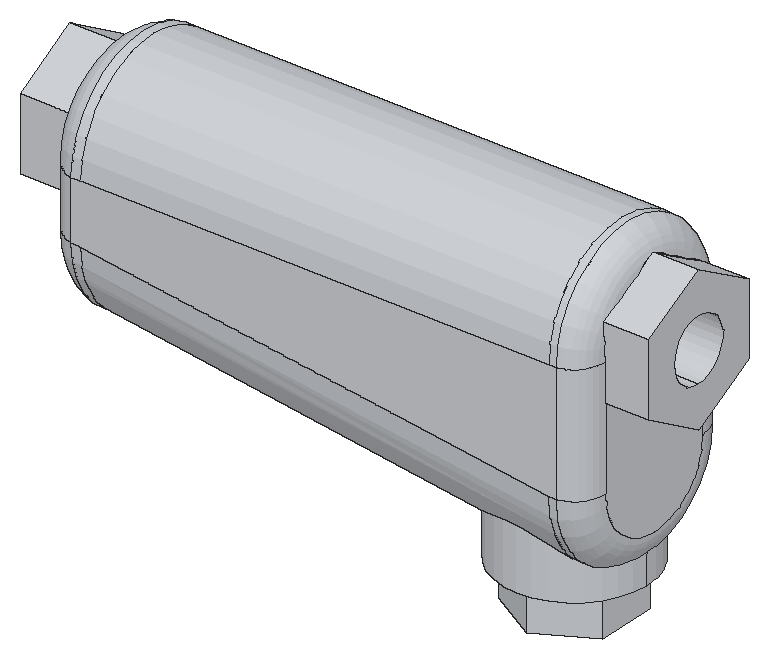
Revit family "Pipe_Accessories_Separator_Spirax-Sarco_S12-SG-Iron-Separator-Screwed", category Pipe Accessories, Revit 2013
Parameters (values of type "1 1/4"")
  _distributed by = "www.bimstore.co.uk"
  _current revision = 1  # constant formula
  _created by = "Dayle Zieleniewski"  # constant formula
  _bimspec_guid = 0
  Weight = if(Pipe Size = 30 mm, 9.00 kg, if(Pipe Size = 40 mm, 9.00 kg, 17.00 kg))  # 9.00 kg
  WarrantyStartDate [instance] = ""
  WarrantyGuarantorParts = ""
  WarrantyGuarantorLabour = ""
  WarrantyDurationUnit = "Years"  # constant formula
  WarrantyDurationParts = 0
  WarrantyDurationLabour = 0
  WarrantyDescription = ""
  Volume = if(Pipe Size = 30 mm, 1.50 m³, if(Pipe Size = 40 mm, 1.50 m³, 3.20 m³))  # 1.50 m³
  Uniclass2 = "90-20-75/325"  # constant formula
  URL = "http://www.spiraxsarco.com/uk/"
  TypeName = Type Comments  # "DN32"
  Type Comments = if(Pipe Size = 15 mm, "DN15", if(Pipe Size = 20 mm, "DN20", if(Pipe Size = 25 mm, "DN25", if(Pipe Size = 32 mm, "DN32", if(Pipe Size = 40 mm, "DN40", if(Pipe Size = 50 mm, "DN50", if(Pipe Size = 65 mm, "DN60", if(Pipe Size = 80 mm, "DN80", "DN32"))))))))  # "DN32"
  TMO Maximum Operating Temperature = "350°C @ 14 bar g"  # constant formula
  TMA Maximum Allowable Temperature = "350°C @ 14 bar g"  # constant formula
  Standards = "This product fully complies with the requirements of the European Pressure Equipment Directive 97 /23 /EC."  # constant formula
  SpareParts = ""
  Size = Type Comments  # "DN32"
  Shape = ""
  SerialNumber [instance] = "0232560"
  SG Iron = none
  ReplacementCost = 0
  ReferencedStandard = ""
  ProductionYear = ""
  Product Link = ""
  Product Documentation Link = "http://www.spiraxsarco.com/pdfs/TI/p023_25.pdf"
  Pipe Size = 30 mm
  Pipe Radius = Pipe Size / 2  # 15 mm
  PMO Maximum Operating Temperature (Saturated) = "23.1 bar g"  # constant formula
  PMA Maximum Allowable Pressure = "25 bar g @ 100°C"  # constant formula
  ModelNumber = Model  # "S12 SG Iron Separator (Screwed)"
  Model = "S12 SG Iron Separator (Screwed)"  # constant formula
  Minimum Operating Temperature = -10 °C
  Material = "SG Iron"  # constant formula
  Manufacturer = "Spirax Sarco Ltd"  # constant formula
  Loss Method = K Coefficient
  K Coefficient = 0  # constant formula
  InstallationDate [instance] = ""
  Installation Note = "Install in a horizontal pipeline with the drain directly below. Note: To ensure that any separated liquid is drained away quickly, a suitable liquid drainer or steam trap must be connected to the drain connection 'E' - consult Spirax Sarco for further details."  # constant formula
  INSPECTION CHAMBER = Pipe Size = 50 mm  # no
  Grade = ""
  G = if(Pipe Size = 30 mm, 60 mm, if(Pipe Size = 40 mm, 60 mm, 71 mm))  # 60 mm
  Finish = ""
  Features = ""
  F = 25 mm  # constant formula
  ExpectedLife = 0
  E Radius = E / 2  # 7.5 mm
  END DIFF. = 28.293 mm
  E = 15 mm  # constant formula
  DurationUnit = "Years"  # constant formula
  DocumentationTechnical = "http://www.spiraxsarco.com/pdfs/TI/p023_25.pdf"
  DocumentationLiterature = ""
  DocumentationInstallationGuide = "http://www.spiraxsarco.com/pdfs/IM/p023_55.pdf"
  DocumentationCertificates = ""
  Disposal = "This product is recyclable. No ecological hazard is anticipated with the disposal of this product, providing due care is taken."  # constant formula
  Description = "The S12 separator is an SG iron baffle type separator used for the removal of entrained liquids in steam, compressed air or gas systems. The fitting of insulation jackets will increase the performance of the separator."  # constant formula
  D = if(Pipe Size = 30 mm, 304 mm, if(Pipe Size = 40 mm, 304 mm, 397 mm))  # 304 mm
  CreatedOn = "July 2014"  # constant formula
  CreatedBy = "UKEnquiries@SpiraxSarco.com"  # constant formula
  Consitituents = ""
  Color = ""
  CodePerformance = ""
  ClassificationValue = "L7136"  # constant formula
  ClassificationName = "Uniclass1.4"  # constant formula
  Certification = "This product is available with a manufacturers' Typical Test Report. Note: All certification / inspection requirements must be stated at the time of order placement."  # constant formula
  Carbon Steel = none
  C = if(Pipe Size = 30 mm, 89 mm, if(Pipe Size = 40 mm, 89 mm, 117 mm))  # 89 mm
  Body Design Conditions = "PN25"  # constant formula
  BarCode = ""
  BOTTOM DIFF = 53.76 mm
  B = if(Pipe Size = 30 mm, 156 mm, if(Pipe Size = 40 mm, 156 mm, 205 mm))  # 156 mm
  AssetType = "Fixed"  # constant formula
  AssetIdentifier = ""
  Assembly Code = "D30"
  AccessibilityPerformance = ""
  A = if(Pipe Size = 30 mm, 111 mm, if(Pipe Size = 40 mm, 111 mm, 146 mm))  # 111 mm
Types (3, lengths in mm): name | Weight | Volume | TypeName | Type Comments | Size | SerialNumber | SG Iron | Pipe Size | Pipe Radius | INSPECTION CHAMBER | G | END DIFF. | D | Carbon Steel | C | BOTTOM DIFF | B | A
  1 1/4" | 9.00 kg | 1.50 m³ | "DN32" | "DN32" | "DN32" | "0232560" | none | 30 | 15 | no | 60 | 28.293 | 304 | none | 89 | 53.76 | 156 | 111
  1 1/2" | 9.00 kg | 1.50 m³ | "DN40" | "DN40" | "DN40" | "0232660" | none | 40 | 20 | no | 60 | 28.293 | 304 | none | 89 | 53.76 | 156 | 111
  2" | 17.00 kg | 3.20 m³ | "DN50" | "DN50" | "DN50" | "0232760" | Spirax_Sarco-SG_Iron | 50 | 25 | yes | 71 | 1 | 397 | Spirax_Sarco-Carbon_Steel | 117 | 67 | 205 | 146
Reference planes
  plane 1 "Center (Front/Back)": y = 0
  plane 2: z = 0
  plane 3 "Center (Left/Right)": x = 0
  plane 4: x = -244
  plane 5: x = 60
  plane 6: z = 45
  plane 7: z = -111
  plane 8: y = 44.5
  plane 9: y = -44.5
  plane 10: x = 38.5
  plane 11: x = 23
  plane 12: x = -222.5
  plane 13: x = -203.5
  plane 14: z = -28.293
  plane 15: z = -57.24
  plane 16: z = -57.24
  plane 17: z = 29.5
  plane 18: z = 26
  plane 19: z = -57.24
  plane 20: z = -131
  plane 21: x = -134
  plane 22: z = 51.6
  plane 23: z = 71.6
Forms (mm)
  Blend 1, solid, material <- "SG Iron", detail levels fine
    base sketch origin (-203.5, -1524, 543.708) x (0, 0, 1) y (0, -1, 0)
      loop
        arc (-543.708, -1568.5) -> (-499.208, -1524) -> (-543.708, -1479.5) r 44.5
        line (-543.708, -1479.5) -> (-572.001, -1479.5)
        arc (-572.001, -1479.5) -> (-616.501, -1524) -> (-572.001, -1568.5) r 44.5
        line (-572.001, -1568.5) -> (-543.708, -1568.5)
    top sketch origin (23, -1524, 543.708) x (0, 0, 1) y (0, -1, 0)
      loop
        arc (-543.708, -1568.5) -> (-499.208, -1524) -> (-543.708, -1479.5) r 44.5
        line (-543.708, -1479.5) -> (-600.948, -1479.5)
        arc (-600.948, -1479.5) -> (-645.448, -1524) -> (-600.948, -1568.5) r 44.5
        line (-600.948, -1568.5) -> (-543.708, -1568.5)
    from 0 to 0
  Extrusion 2, solid, material <- "SG Iron", detail levels fine
    sketch origin (23, -1524, 543.708) x (0, 0, 1) y (0, -1, 0)
      loop
        arc (-543.708, -1568.5) -> (-499.208, -1524) -> (-543.708, -1479.5) r 44.5
        line (-543.708, -1479.5) -> (-600.948, -1479.5)
        arc (-600.948, -1479.5) -> (-645.448, -1524) -> (-600.948, -1568.5) r 44.5
        line (-600.948, -1568.5) -> (-543.708, -1568.5)
    from 0 to 15.5
  Sweep 3, void, detail levels fine
    path origin (23, -1524, 543.708) x (0, 0, 1) y (0, -1, 0)
      loop
        arc (-543.708, -1568.5) -> (-499.208, -1524) -> (-543.708, -1479.5) r 44.5
        line (-543.708, -1479.5) -> (-600.948, -1479.5)
        arc (-600.948, -1479.5) -> (-645.448, -1524) -> (-600.948, -1568.5) r 44.5
        line (-600.948, -1568.5) -> (-543.708, -1568.5)
    profile origin (23, 0, 44.5) x (0, 0, -1) y (1, 0, 0)
      loop
        arc (-0.5, 0) -> (4.04, 10.96) -> (15, 15.5) r 15.5
        line (15, 15.5) -> (-0.5, 15.5) -> (-0.5, 0)
  Extrusion 4, solid, material <- "SG Iron", detail levels fine
    sketch origin (23, -1524, 543.708) x (0, 0, 1) y (0, -1, 0)
      loop
        line (-543.708, -1479.5) -> (-572.001, -1479.5)
        arc (-572.001, -1479.5) -> (-616.501, -1524) -> (-572.001, -1568.5) r 44.5
        line (-572.001, -1568.5) -> (-543.708, -1568.5)
        arc (-543.708, -1568.5) -> (-499.208, -1524) -> (-543.708, -1479.5) r 44.5
    from -245.5 to -226.5
  Sweep 5, void
    path origin (23, -1524, 543.708) x (0, 0, 1) y (0, -1, 0)
      loop
        arc (-543.708, -1568.5) -> (-499.208, -1524) -> (-543.708, -1479.5) r 44.5
        line (-543.708, -1479.5) -> (-572.001, -1479.5)
        arc (-572.001, -1479.5) -> (-616.501, -1524) -> (-572.001, -1568.5) r 44.5
        line (-572.001, -1568.5) -> (-543.708, -1568.5)
    profile origin (23, 0, 44.5) x (0, 0, -1) y (1, 0, 0)
      loop
        arc (18.5, -245.5) -> (5.065, -239.935) -> (-0.5, -226.5) r 19
        line (-0.5, -226.5) -> (-0.5, -245.5) -> (18.5, -245.5)
  Extrusion 6, solid, material <- "SG Iron", detail levels fine
    sketch origin (0, 0, 0) x (1, 0, 0) y (0, 1, 0)
      loop
        circle (0, 0) r 35
    from -111 to -57.24
  Extrusion 7, solid, material <- "SG Iron", detail levels fine
    sketch origin (23, -1524, 543.708) x (0, 0, 1) y (0, -1, 0)
      loop
        line (-561.029, -1494) -> (-578.349, -1524) -> (-561.029, -1554) -> (-526.388, -1554) -> (-509.067, -1524) -> (-526.388, -1494) -> (-561.029, -1494)
    from -267 to 37
  Extrusion 8, void
    sketch origin (23, -1524, 543.708) x (0, 0, -1) y (0, -1, 0)
      loop
        circle (543.708, -1524) r 15
    from -37 to 267
  Extrusion 9, solid, material <- "Carbon Steel", detail levels fine
    sketch origin (0, 0, 0) x (1, 0, 0) y (0, 1, 0)
      loop
        line (-25, -14.434) -> (0, -28.867) -> (25, -14.434) -> (25, 14.434) -> (0, 28.867) -> (-25, 14.434) -> (-25, -14.434)
    from -111 to -131
  Extrusion 10, void
    sketch origin (0, 0, 0) x (1, 0, 0) y (0, 1, 0)
      loop
        circle (0, 0) r 7.5
    from -57.24 to -131
  Extrusion 11, solid, material <- "SG Iron", visible <- "INSPECTION CHAMBER", detail levels fine
    sketch origin (0, 0, 0) x (1, 0, 0) y (0, 1, 0)
      loop
        circle (-134, 0) r 48
    from -28.293 to 51.6
  Extrusion 12, solid, material <- "Carbon Steel", visible <- "INSPECTION CHAMBER", detail levels fine
    sketch origin (0, 0, 0) x (1, 0, 0) y (0, 1, 0)
      loop
        line (-104, 17.321) -> (-134, 34.641) -> (-164, 17.321) -> (-164, -17.321) -> (-134, -34.641) -> (-104, -17.321) -> (-104, 17.321)
    from 51.6 to 71.6
Cuts and joins
  Extrusion 8 cuts Blend 1
  Sweep 3, Extrusion 8 cuts Extrusion 2
  Sweep 5, Extrusion 8 cuts Extrusion 4
  Extrusion 8, Extrusion 10 cuts Extrusion 7
  joined: Blend 1, Extrusion 2, Extrusion 4, Extrusion 6, Extrusion 7
  Extrusion 10 cuts Extrusion 9
Lines and regions (mm)
  reference lines
    curve 1: line (-244, 0, 0) -> (60, 0, 0)
    curve 2: line (0, 0, -57.24) -> (0, 0, -131)
Dimensions and locks
  "D": plane 5 to plane 4
  "G": plane 5 to plane 3 "Center (Left/Right)"
  "B": plane 6 to plane 7
  "A": level to plane 7
  equal spacing: plane 8, plane 1 "Center (Front/Back)", plane 9
  "C": plane 8 to plane 9
  plane 13 to plane 12 to plane 4 = 19 mm locked, 21.5 mm locked
  plane 5 to plane 10 to plane 11 = 21.5 mm locked, 15.5 mm locked
  "END DIFF.": level to plane 14
  locked: plane 7 to plane 15 at 53.76
  plane 16 to plane 18 = 83.24 mm
  locked: plane 6 to plane 17 at 15.5
  plane 6 to plane 18 = 19 mm
  "BOTTOM DIFF": plane 7 to plane 19
  locked: plane 7 to plane 20 at 20
  locked: plane 21 to plane 3 "Center (Left/Right)" at 134
  locked: plane 22 to plane 6 at 6.6
  locked: plane 23 to plane 22 at 20
  "C": diameter of Blend 1 sketch curve  (x3)
  "C": diameter of Extrusion 2 sketch curve  (x2)
  "C": diameter of Sweep 3 sketch curve  (x2)
  "C": diameter of Extrusion 4 sketch curve  (x2)
  "Pipe Size": diameter of Extrusion 8 sketch curve
  "E": diameter of Extrusion 10 sketch curve
  aligned and locked: level to plane 2
  aligned and locked: level to Blend 1 sketch curve  (x4)
  aligned and locked: plane 14 to Blend 1 sketch curve  (x2)
  aligned and locked: Blend 1 sketch curve to plane 8  (x2)
  aligned and locked: Blend 1 sketch curve to plane 9
  aligned and locked: plane 11 to Blend 1
  aligned and locked: Blend 1 to plane 13
  aligned and locked: level to Extrusion 2 sketch curve  (x2)
  aligned and locked: Extrusion 2 sketch curve to plane 9
  aligned and locked: plane 10 to Extrusion 2
  aligned and locked: level to Sweep 3 sketch curve  (x2)
  aligned and locked: Sweep 3 sketch curve to plane 9
  aligned and locked: Sweep 3 sketch curve to plane 10
  aligned and locked: plane 17 to Sweep 3 sketch curve
  aligned and locked: profile plane to Sweep 3 sketch curve
  aligned and locked: Sweep 3 sketch curve to plane 6
  aligned and locked: level to Extrusion 4 sketch curve  (x2)
  aligned and locked: plane 14 to Extrusion 4 sketch curve  (x2)
  aligned and locked: Extrusion 4 sketch curve to plane 9
  aligned and locked: Extrusion 4 to plane 12
  aligned and locked: plane 13 to Extrusion 4
  aligned and locked: level to Sweep 5 sketch curve  (x2)
  aligned and locked: plane 14 to Sweep 5 sketch curve  (x2)
  aligned and locked: Sweep 5 sketch curve to plane 9
  aligned and locked: Sweep 5 sketch curve to plane 8
  aligned and locked: plane 18 to Sweep 5 sketch curve
  aligned and locked: plane 6 to Sweep 5 sketch curve  (x2)
  aligned and locked: plane 13 to Sweep 5 sketch curve
  aligned and locked: Sweep 5 sketch curve to plane 12
  aligned and locked: plane 7 to Extrusion 6
  aligned and locked: plane 16 to Extrusion 6
  aligned and locked: plane 19 to Extrusion 2 sketch curve  (x2)
  aligned and locked: plane 19 to Sweep 3 sketch curve  (x2)
  aligned and locked: plane 19 to Blend 1 sketch curve  (x2)
  aligned and locked: plane 5 to Extrusion 7
  aligned and locked: Extrusion 7 to plane 4
  aligned and locked: plane 5 to Extrusion 8
  aligned and locked: Extrusion 8 to plane 4
  aligned and locked: plane 20 to Extrusion 9
  aligned and locked: Extrusion 9 to plane 7
  aligned and locked: plane 20 to Extrusion 10
  aligned and locked: plane 19 to Extrusion 10
  aligned and locked: Extrusion 11 to plane 14
  aligned and locked: Extrusion 12 to plane 22
  aligned and locked: plane 22 to Extrusion 11
  aligned and locked: plane 23 to Extrusion 12
  aligned and locked: plane 5 to curve 1
  aligned and locked: plane 4 to curve 1
  aligned and locked: plane 1 "Center (Front/Back)" to curve 1
  aligned and locked: plane 19 to curve 2
  aligned and locked: plane 20 to curve 2
  aligned and locked: curve 2 to plane 3 "Center (Left/Right)"
  aligned and locked: plane 5 to nested 1
  aligned and locked: plane 4 to nested 1
  aligned and locked: plane 1 "Center (Front/Back)" to nested 1
Automatic sketch dimensions
  Sweep 3 sketch curve to plane 11 = 0 mm
  Sweep 3 sketch curve to plane 17 = 0 mm
  Sweep 3 sketch curve to Sweep 3 sketch curve = 0 mm
  profile plane to Sweep 5 sketch curve = 0.5 mm
  Sweep 5 sketch curve to Sweep 5 sketch curve = 0 mm  (x2)
  plane 1 "Center (Front/Back)" to Extrusion 6 sketch curve = 0 mm
  Extrusion 6 sketch curve to plane 3 "Center (Left/Right)" = 0 mm
  plane 1 "Center (Front/Back)" to Extrusion 11 sketch curve = 0 mm
  Extrusion 11 sketch curve to plane 21 = 0 mm
  Extrusion 8 sketch curve to level = 0 mm
  Extrusion 8 sketch curve to plane 1 "Center (Front/Back)" = 0 mm
  plane 1 "Center (Front/Back)" to Extrusion 10 sketch curve = 0 mm
  Extrusion 10 sketch curve to plane 3 "Center (Left/Right)" = 0 mm
  radius of Extrusion 6 sketch curve = 35 mm
  radius of Extrusion 11 sketch curve = 48 mm
Nested families
  nested 1: "Symbol_Separator" at (-92, 0, 0), type "Symbol_Separator", detail levels coarse+medium
    with Width 304 mm, Symbol Width 244 mm
Connectors
  piping at (60, 0, 0), driven by "K Coefficient", driven by "Pipe Radius"
    settings: on curve 1, index 1, connector radius 15 mm, flow factor 0, pipe flow 0.0 L/s, pressure drop 0.0 Pa, fitting loss kfactor 0, connector angle 0.00°, fixture units 0, engagement length 0 mm, flow configuration 0, flow direction 0, fitting loss method 2, system type 29, joint type 0, gender type 0, connector reference index 2, connector utility 0, adjustable connector no, is connector primary yes, fitting loss table "", connector description ""
  piping at (-244, 0, 0), driven by "K Coefficient", driven by "Pipe Radius"
    settings: on curve 1, index 2, connector radius 15 mm, flow factor 0, pipe flow 0.0 L/s, pressure drop 0.0 Pa, fitting loss kfactor 0, connector angle 0.00°, fixture units 0, engagement length 0 mm, flow configuration 0, flow direction 0, fitting loss method 2, system type 29, joint type 0, gender type 0, connector reference index 1, connector utility 0, adjustable connector no, is connector primary no, fitting loss table "", connector description ""
  piping at (0, 0, -131), driven by "E Radius"
    settings: on curve 2, index 3, connector radius 7.5 mm, flow factor 0, pipe flow 0.0 L/s, pressure drop 0.0 Pa, fitting loss kfactor 0, connector angle 0.00°, fixture units 0, engagement length 0 mm, flow configuration 0, flow direction 2, fitting loss method 0, system type 22, joint type 0, gender type 0, connector reference index -1, connector utility 0, adjustable connector no, is connector primary no, fitting loss table "", connector description ""
Definition of nested family "Symbol_Separator"
  Parameters (values of type "Symbol_Separator")
    Width [instance] = 510 mm
    Symbol Width [instance] = Width - 60 mm  # 450 mm
    Default Elevation = 1219.2 mm
  Reference planes
    plane 1 "Center (Front/Back)": y = 0
    plane 2: z = 0
    plane 3 "Center (Left/Right)": x = 0
    plane 4: x = -225
    plane 5: x = 225
    plane 6: y = -225
    plane 7: y = 225
    plane 8: x = 255
    plane 9: x = -255
  Forms (mm)
    Extrusion 1, solid
      sketch origin (0, 0, 0) x (1, 0, 0) y (0, 1, 0)
        loop
          line (-1219.2, 1219.2) -> (-1219.2, -1219.2) -> (1219.2, -1219.2) -> (1219.2, 1219.2) -> (-1219.2, 1219.2)
      from 0 to -304.8
  Lines and regions (mm)
    model lines
      curve 1: line (-225, 225, 0) -> (225, 225, 0)
      curve 2: line (-225, -225, 0) -> (-225, 225, 0)
      curve 3: line (225, -225, 0) -> (-225, -225, 0)
      curve 4: line (225, 225, 0) -> (225, -225, 0)
      curve 5: line (-255, 0, 0) -> (-225, 0, 0)
      curve 6: line (225, 0, 0) -> (255, 0, 0)
      curve 7: line (0, 0, 0) -> (0, 225, 0)
  Dimensions and locks
    equal spacing: plane 4, plane 3 "Center (Left/Right)", plane 5
    equal spacing: plane 6, plane 1 "Center (Front/Back)", plane 7
    "Width": plane 9 to plane 8
    locked: plane 9 to plane 4 at 30
    locked: plane 5 to plane 8 at 30
    "Symbol Width": plane 6 to plane 7
    aligned and locked: plane 2 to Extrusion 1
    aligned and locked: level to Extrusion 1
    aligned and locked: curve 4 to plane 5
    aligned and locked: plane 7 to curve 1
    aligned and locked: plane 4 to curve 2
    aligned and locked: curve 3 to plane 6
    aligned and locked: plane 8 to curve 6
    aligned and locked: plane 5 to curve 6
    aligned and locked: plane 1 "Center (Front/Back)" to curve 6
    aligned and locked: plane 9 to curve 5
    aligned and locked: plane 4 to curve 5
    aligned and locked: plane 1 "Center (Front/Back)" to curve 5
    aligned and locked: plane 7 to curve 7
    aligned and locked: plane 1 "Center (Front/Back)" to curve 7
    aligned and locked: plane 3 "Center (Left/Right)" to curve 7
  Automatic sketch dimensions
    Extrusion 1 sketch curve to Extrusion 1 sketch curve = 2438.4 mm  (x2)
